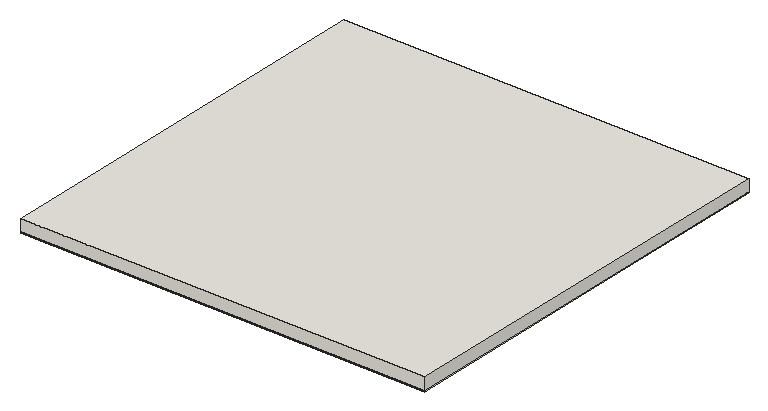
Revit family "ERA_LF_CS_SPO-6-36", category Осветительные приборы, Revit 2019 (continued)
Types (4, lengths in mm): name | built-in parameter 1150134 | Файл фотометрической сетки | built-in parameter 1150142 | built-in parameter 1150107 | URL | ADSK_Масса | ADSK_Марка | ADSK_Обозначение | ADSK_Наименование
    0.00 0.00\r\n 0.00 0.00 0.00 0.00 0.00 0.00 0.00 0.00 0.00 0.00\r\n 0.00 0.00 0.00 0.00 0.00 0.00 0.00 0.00 0.00 0.00\r\n 0.00 0.00 0.00 0.00 0.00 0.00 0.00 0.00 0.00 0.00\r\n 0.00 0.00 0.00 0.00 0.00 0.00 0.00 0.00 0.00 0.00\r\n 0.00 0.00 0.00 0.00 0.00 0.00 0.00 0.00 0.00 0.00\r\n 0.00 0.00 0.00 0.00 0.00 0.00 0.00 0.00 0.00 0.00\r\n 0.00 0.00 0.00 0.00 0.00 0.00 0.00 0.00 0.00 0.00\r\n 0.00 0.00 0.00 0.00 0.00 0.00 0.00 0.00 0.00 0.00\r\n 0.00 0.00 0.00 0.00 0.00 0.00 0.00 0.00 0.00 0.00\r\n 0.00 0.00 0.00 0.00 0.00 0.00 0.00 0.00 0.00 0.00\r\n 0.00 0.00 0.00 0.00 0.00 0.00 0.00 0.00 0.00 0.00\r\n 0.00 0.00 0.00 0.00 0.00 0.00 0.00 0.00 0.00 0.00\r\n 0.00 0.00 0.00 0.00 0.00 0.00 0.00 0.00 0.00 0.00\r\n 0.00 0.00 0.00 0.00 0.00 0.00 0.00 0.00 0.00 0.00\r\n 0.00 0.00 0.00 0.00 0.00 0.00 0.00 0.00 0.00 0.00\r\n 0.00 0.00 0.00 0.00 0.00 0.00 0.00 0.00 0.00 0.00\r\n 0.00 0.00 0.00 0.00 0.00 0.00 0.00 0.00 0.00 0.00\r\n 0.00 0.00 0.00 0.00 0.00 0.00 0.00 0.00 0.00 0.00\r\n 0.00 0.00 0.00 0.00 0.00 0.00 0.00 0.00 0.00 0.00\r\n 0.00 0.00 0.00 0.00 0.00 0.00 0.00 0.00 0.00 0.00\r\n 0.00 0.00 0.00 0.00 0.00 0.00 0.00 0.00 0.00 0.00\r\n 0.00 0.00 0.00 0.00 0.00 0.00 0.00 0.00 0.00 0.00\r\n 0.00 0.00 0.00 0.00 0.00 0.00 0.00 0.00 0.00 0.00\r\n 0.00 0.00 0.00 0.00 0.00 0.00 0.00 0.00 0.00 0.00\r\n 0.00         \r\n1428.38 1422.62 1419.11 1427.88 1420.96 1418.91 1418.91 1424.67 1424.67 1425.02 \r\n 1421.16 1419.56 1431.43 1426.27 1423.27 1431.88 1422.92 1419.76 1432.03 1426.62\r\n 1420.16 1431.78 1424.57 1416.96 1431.68 1427.12 1419.51 1432.08 1423.87 1416.70\r\n 1430.38 1426.87 1419.06 1429.03 1423.22 1416.10 1427.12 1424.47 1418.11 1428.38\r\n 1422.12 1412.50 1412.50 1423.17 1422.02 1416.10 1424.87 1417.46 1410.19 1422.52\r\n 1410.79 1420.96 1420.96 1413.90 1406.59 1418.56 1414.45 1407.69 1418.76 1411.34\r\n 1414.05 1412.30 1412.30 1406.13 1414.50 1410.49 1401.17 1410.49 1410.29 1403.23\r\n 1406.79 1399.57 1399.57 1400.97 1407.94 1401.42 1402.73 1405.08 1395.11 1394.56\r\n 1398.37 1399.02 1402.18 1402.18 1392.06 1398.67 1400.62 1392.96 1397.47 1395.41\r\n 1396.77 1396.32 1388.65 1388.65 1394.71 1391.41 1382.19 1394.06 1391.41 1384.59\r\n 1388.05 1378.58 1392.61 1392.61 1387.65 1380.28 1390.75 1381.44 1375.42 1388.80\r\n 1379.68 1386.75 1376.53 1376.53 1376.43 1384.74 1376.73 1383.39 1379.33 1371.87\r\n 1379.88 1371.97 1382.89 1382.89 1373.37 1366.66 1379.98 1372.92 1368.66 1375.78\r\n 1371.72 1374.62 1366.71 1366.71 1375.78 1367.91 1359.34 1373.12 1366.86 1360.60\r\n 1360.04 1363.65 1366.76 1366.76 1358.34 1367.61 1359.54 1351.43 1364.45 1357.39\r\n 1357.79 1349.32 1360.90 1360.90 1354.28 1348.57 1354.43 1345.57 1356.04 1351.53\r\n 1352.53 1341.16 1346.12 1346.97 1338.80 1347.47 1336.45 1343.21 1341.76 1334.29\r\n 1341.66 1331.44 1342.66 1335.85 1335.60 1334.34 1325.68 1338.10 1331.24 1338.10\r\n 1329.89 1323.92 1332.14 1324.48 1332.44 1322.82 1331.04 1326.83 1322.62 1325.13\r\n 1314.16 1326.78 1317.51 1324.22 1314.61 1321.77 1319.11 1311.85 1319.67 1308.19\r\n 1316.81 1314.51 1307.09 1315.06 1304.19 1307.04 1310.55 1303.28 1312.00 1304.09\r\n 1296.82 1308.54 1301.83 1303.23 1301.83 1292.46 1297.42 1299.18 1292.96 1299.18\r\n 1294.92 1285.30 1294.62 1293.41 1285.90 1288.05 1288.05 1280.84 1278.34 1286.85\r\n 1280.99 1273.83 1282.94 1274.23 1267.61 1276.73 1275.13 1268.77 1264.31 1271.52\r\n 1264.51 1256.94 1266.31 1265.11 1259.15 1253.29 1262.55 1255.94 1248.43 1244.62\r\n 1255.69 1250.43 1244.72 1246.02 1248.33 1240.11 1233.80 1238.46 1241.76 1236.10\r\n 1229.49 1234.60 1231.80 1224.93 1217.52 1226.03 1225.08 1220.32 1213.16 1220.87\r\n 1215.31 1207.20 1202.19 1212.81 1208.85 1202.34 1196.83 1204.59 1197.88 1190.01\r\n 1187.01 1195.57 1190.46 1185.00 1181.05 1187.31 1179.04 1172.48 1168.87 1178.24\r\n 1172.93 1166.62 1162.86 1169.12 1162.51 1154.75 1150.94 1160.86 1156.75 1150.39\r\n 1146.08 1152.84 1144.98 1139.01 1134.26 1143.87 1139.01 1134.46 1128.74 1135.31\r\n 1128.79 1121.53 1117.62 1127.14 1123.43 1117.22 1112.51 1119.23 1113.31 1105.50\r\n 1103.65 1111.56 1106.50 1101.29 1099.34 1104.05 1095.63 1089.77 1090.22 1095.48\r\n 1091.22 1084.21 1087.97 1085.81 1079.50 1072.99 1081.35 1079.20 1074.49 1069.38\r\n 1075.19 1068.33 1061.51 1063.22 1068.03 1063.77 1057.16 1064.02 1057.96 1050.84\r\n 1048.34 1056.80 1052.75 1046.59 1049.89 1047.49 1041.58 1035.56 1045.08 1041.53\r\n 1035.66 1035.31 1036.42 1030.25 1023.59 1032.06 1029.15 1024.74 1021.89 1023.64\r\n 1016.88 1010.16 1018.83 1014.92 1009.76 1010.87 1009.21 1000.60 997.99 1004.05\r\n 998.09 992.13 997.39 990.28 982.41 988.57 986.37 980.91 980.96 976.90\r\n 970.59 968.43 973.74 967.53 961.87 966.88 959.57 952.00 959.47 956.21\r\n 949.70 949.55 948.90 941.98 937.52 945.39 940.28 933.62 939.78 932.31\r\n 926.35 929.81 930.61 925.20 920.34 924.65 918.49 911.32 919.04 916.28\r\n 910.32 908.97 909.32 903.36 897.19 905.06 901.05 894.79 898.25 892.54\r\n 887.02 884.92 889.83 884.72 879.21 883.37 876.75 869.79 874.35 873.15\r\n 867.44 863.13 865.93 859.62 852.91 858.57 856.47 850.75 848.15 849.65\r\n 843.39 836.88 841.44 840.78 836.68 831.07 834.47 828.06 821.75 820.55\r\n 824.95 821.25 815.49 816.74 813.88 808.22 802.41 808.47 805.82 801.06\r\n 796.15 799.40 793.79 787.23 783.92 789.74 785.68 780.72 779.47 779.92\r\n 772.50 767.19 767.79 770.50 765.84 760.93 760.68 758.27 752.41 746.35\r\n 749.01 749.51 745.90 739.94 741.49 737.88 730.97 726.51 731.12 729.57\r\n 724.96 720.15 722.55 718.10 711.23 705.87 710.63 708.78 705.17 699.11\r\n 701.51 697.06 691.64 686.08 687.89 688.94 684.43 680.12 679.87 677.87\r\n 671.26 666.75 665.09 668.45 664.69 659.83 656.03 657.43 652.12 645.91\r\n 642.05 646.36 644.25 639.74 634.13 635.34 631.88 625.97 620.46 619.20\r\n 621.91 618.55 613.89 609.64 610.94 604.17 599.82 594.26 597.36 595.31\r\n 591.95 585.89 585.09 582.88 575.87 570.66 568.86 571.16 567.15 563.04\r\n 557.73 559.34 552.77 547.56 542.25 544.51 542.86 538.85 534.24 531.68\r\n 530.33 524.17 519.06 515.05 517.86 515.15 510.74 506.23 506.13 502.33\r\n 496.16 491.81 489.80 491.21 488.35 484.04 480.13 480.28 475.88 469.81\r\n 466.06 465.86 466.46 463.15 458.89 455.74 455.49 450.63 445.37 442.01\r\n 443.31 442.46 439.35 435.10 432.79 431.29 426.98 421.57 418.56 421.27\r\n 419.37 416.11 412.50 411.00 407.54 402.68 398.37 396.67 398.58 396.32\r\n 392.61 389.16 388.81 383.60 379.34 375.23 375.93 375.73 373.18 369.02\r\n 366.96 365.11 359.45 355.69 353.19 355.04 352.49 349.78 345.72 345.37\r\n 340.76 336.80 336.80 332.60 333.00 332.70 330.19 327.19 324.23 323.38\r\n 314.26 310.95 310.95 312.81 311.36 308.60 305.54 304.04 301.29 296.53\r\n 291.37 292.92 292.92 291.42 288.56 285.56 284.70 281.75 277.04 273.78\r\n 274.13 272.08 272.08 269.62 267.02 265.67 262.36 258.45 255.65 255.60\r\n 254.09 251.14 251.14 249.08 248.18 244.27 240.22 238.06 239.11 238.91\r\n 235.16 233.10 233.10 230.70 227.09 224.19 222.23 223.84 223.33 221.68\r\n 218.22 215.32 215.32 212.11 209.31 208.36 209.71 209.01 207.20 205.30\r\n 201.74 198.19 198.19 195.73 195.58 196.83 196.13 194.43 192.62 191.62\r\n 185.66 183.71 183.71 184.21 184.76 184.01 182.71 180.95 179.85 177.04\r\n 172.08 173.09 173.09 173.64 172.99 171.53 170.08 168.78 165.97 163.32\r\n 162.72 163.12 163.12 162.77 161.21 159.66 158.16 155.90 153.10 151.75\r\n 153.15 152.65 152.65 151.34 150.04 148.74 146.08 143.43 142.23 143.08\r\n 143.63 142.18 142.18 140.77 139.57 137.32 134.66 133.36 133.26 134.26\r\n 133.26 131.96 131.96 130.80 128.55 125.89 124.69 123.84 125.24 125.34\r\n 123.24 122.09 122.09 120.48 117.43 115.98 114.97 115.83 116.08 115.78\r\n 113.02 111.72 111.72 108.96 107.01 105.56 105.86 106.61 106.31 105.51\r\n 102.90 100.24 100.24 98.29 96.54 95.89 97.04 96.94 96.44 95.03\r\n 91.68 89.37 89.37 87.07 86.12 86.47 87.07 86.62 85.77 84.31\r\n 80.31 77.75 77.75 76.25 75.90 76.65 76.45 75.85 74.54 72.74\r\n 67.78 66.33 66.33 64.98 65.58 65.48 65.28 63.92 62.52 60.37\r\n 55.36 54.01 54.01 53.85 54.21 53.85 52.75 51.25 48.95 46.09\r\n 41.88 41.48 41.48 41.78 41.58 40.63 39.53 37.37 34.67 32.61\r\n 30.26 30.91 30.91 30.91 30.71 30.01 28.05 26.30 23.45 21.59\r\n 20.49 20.39 20.39 19.99 19.49 17.98 16.08 13.63 11.77 10.72\r\n 10.37 10.67 10.67 10.32 9.27 7.01 3.91 2.15 1.70 2.20\r\n 4.21 4.51 4.51 4.36 3.11 1.55 1.00 0.75 1.95 3.11\r\n 4.61 4.46 4.46 3.31 1.65 0.90 1.10 2.35 3.36 4.66\r\n 0.00 0.00 0.00 0.00 0.00 0.00 0.00 0.00 0.00 0.00\r\n 0.00 0.00 0.00 0.00 0.00 0.00 0.00 0.00 0.00 0.00\r\n 0.00 0.00 0.00 0.00 0.00 0.00 0.00 0.00 0.00 0.00\r\n 0.00 0.00 0.00 0.00 0.00 0.00 0.00 0.00 0.00 0.00\r\n 0.00 0.00 0.00 0.00 0.00 0.00 0.00 0.00 0.00 0.00\r\n 0.00 0.00 0.00 0.00 0.00 0.00 0.00 0.00 0.00 0.00\r\n 0.00 0.00 0.00 0.00 0.00 0.00 0.00 0.00 0.00 0.00\r\n 0.00 0.00 0.00 0.00 0.00 0.00 0.00 0.00 0.00 0.00\r\n 0.00 0.00 0.00 0.00 0.00 0.00 0.00 0.00 0.00 0.00\r\n 0.00 0.00 0.00 0.00 0.00 0.00 0.00 0.00 0.00 0.00\r\n 0.00 0.00 0.00 0.00 0.00 0.00 0.00 0.00 0.00 0.00\r\n 0.00 0.00 0.00 0.00 0.00 0.00 0.00 0.00 0.00 0.00\r\n 0.00 0.00 0.00 0.00 0.00 0.00 0.00 0.00 0.00 0.00\r\n 0.00 0.00 0.00 0.00 0.00 0.00 0.00 0.00 0.00 0.00\r\n 0.00 0.00 0.00 0.00 0.00 0.00 0.00 0.00 0.00 0.00\r\n 0.00 0.00 0.00 0.00 0.00 0.00 0.00 0.00 0.00 0.00\r\n 0.00 0.00 0.00 0.00 0.00 0.00 0.00 0.00 0.00 0.00\r\n 0.00 0.00 0.00 0.00 0.00 0.00 0.00 0.00 0.00 0.00\r\n 0.00 0.00 0.00 0.00 0.00 0.00 0.00 0.00 0.00 0.00\r\n 0.00 0.00 0.00 0.00 0.00 0.00 0.00 0.00 0.00 0.00\r\n 0.00 0.00 0.00 0.00 0.00 0.00 0.00 0.00 0.00 0.00\r\n 0.00 0.00 0.00 0.00 0.00 0.00 0.00 0.00 0.00 0.00\r\n 0.00 0.00 0.00 0.00 0.00 0.00 0.00 0.00 0.00 0.00\r\n 0.00 0.00 0.00 0.00 0.00 0.00 0.00 0.00 0.00 0.00\r\n 0.00 0.00 0.00 0.00 0.00 0.00 0.00 0.00 0.00 0.00\r\n 0.00 0.00 0.00 0.00 0.00 0.00 0.00 0.00 0.00 0.00\r\n 0.00 0.00 0.00 0.00 0.00 0.00 0.00 0.00 0.00 0.00\r\n 0.00 0.00 0.00 0.00 0.00 0.00 0.00 0.00 0.00 0.00\r\n 0.00 0.00 0.00 0.00 0.00 0.00 0.00 0.00 0.00 0.00\r\n 0.00 0.00 0.00 0.00 0.00 0.00 0.00 0.00 0.00 0.00\r\n 0.00 0.00 0.00 0.00 0.00 0.00 0.00 0.00 0.00 0.00\r\n 0.00 0.00 0.00 0.00 0.00 0.00 0.00 0.00 0.00 0.00\r\n 0.00 0.00 0.00 0.00 0.00 0.00 0.00 0.00 0.00 0.00\r\n 0.00 0.00 0.00 0.00 0.00 0.00 0.00 0.00 0.00 0.00\r\n 0.00 0.00 0.00 0.00 0.00 0.00 0.00 0.00 0.00 0.00\r\n 0.00 0.00 0.00 0.00 0.00 0.00 0.00 0.00 0.00 0.00\r\n 0.00 0.00 0.00 0.00 0.00 0.00 0.00 0.00 0.00 0.00\r\n 0.00 0.00 0.00 0.00 0.00 0.00 0.00 0.00 0.00 0.00\r\n 0.00 0.00 0.00 0.00 0.00 0.00 0.00 0.00 0.00 0.00\r\n 0.00 0.00 0.00 0.00 0.00 0.00 0.00 0.00 0.00 0.00\r\n 0.00 0.00 0.00 0.00 0.00 0.00 0.00 0.00 0.00 0.00\r\n 0.00 0.00 0.00 0.00 0.00 0.00 0.00 0.00 0.00 0.00\r\n 0.00 0.00 0.00 0.00 0.00 0.00 0.00 0.00 0.00 0.00\r\n 0.00 0.00 0.00 0.00 0.00 0.00 0.00 0.00 0.00 0.00\r\n 0.00 0.00 0.00 0.00 0.00 0.00 0.00 0.00 0.00 0.00\r\n 0.00 0.00 0.00 0.00 0.00 0.00 0.00 0.00 0.00 0.00\r\n 0.00 0.00 0.00 0.00 0.00 0.00 0.00 0.00 0.00 0.00\r\n 0.00 0.00 0.00 0.00 0.00 0.00 0.00 0.00 0.00 0.00\r\n 0.00 0.00 0.00 0.00 0.00 0.00 0.00 0.00 0.00 0.00\r\n 0.00 0.00 0.00 0.00 0.00 0.00 0.00 0.00 0.00 0.00\r\n 0.00 0.00 0.00 0.00 0.00 0.00 0.00 0.00 0.00 0.00\r\n 0.00 0.00 0.00 0.00 0.00 0.00 0.00 0.00 0.00 0.00\r\n 0.00 0.00 0.00 0.00 0.00 0.00 0.00 0.00 0.00 0.00\r\n 0.00 0.00 0.00 0.00 0.00 0.00 0.00 0.00 0.00 0.00\r\n 0.00 0.00 0.00 0.00 0.00 0.00 0.00 0.00 0.00 0.00\r\n 0.00 0.00 0.00 0.00 0.00 0.00 0.00 0.00 0.00 0.00\r\n 0.00 0.00 0.00 0.00 0.00 0.00 0.00 0.00 0.00 0.00\r\n 0.00 0.00 0.00 0.00 0.00 0.00 0.00 0.00 0.00 0.00\r\n 0.00 0.00 0.00 0.00 0.00 0.00 0.00 0.00 0.00 0.00\r\n 0.00 0.00 0.00 0.00 0.00 0.00 0.00 0.00 0.00 0.00\r\n 0.00 0.00 0.00 0.00 0.00 0.00 0.00 0.00 0.00 0.00\r\n 0.00 0.00 0.00 0.00 0.00 0.00 0.00 0.00 0.00 0.00\r\n 0.00 0.00 0.00 0.00 0.00 0.00 0.00 0.00 0.00 0.00\r\n 0.00 0.00 0.00 0.00 0.00 0.00 0.00 0.00 0.00 0.00\r\n 0.00 0.00 0.00 0.00 0.00 0.00 0.00 0.00 0.00 0.00\r\n 0.00 0.00 0.00 0.00 0.00 0.00 0.00 0.00 0.00 0.00\r\n 0.00 0.00 0.00 0.00 0.00 0.00 0.00 0.00 0.00 0.00\r\n 0.00 0.00 0.00 0.00 0.00 0.00 0.00 0.00 0.00 0.00\r\n 0.00 0.00 0.00 0.00 0.00 0.00 0.00 0.00 0.00 0.00\r\n 0.00 0.00 0.00 0.00 0.00 0.00 0.00 0.00 0.00 0.00\r\n 0.00 0.00 0.00 0.00 0.00 0.00 0.00 0.00 0.00 0.00\r\n 0.00 0.00 0.00 0.00 0.00 0.00 0.00 0.00 0.00 0.00\r\n 0.00 0.00 0.00 0.00 0.00 0.00 0.00 0.00 0.00 0.00\r\n 0.00 0.00 0.00 0.00 0.00 0.00 0.00 0.00 0.00 0.00\r\n 0.00 0.00 0.00 0.00 0.00 0.00 0.00 0.00 0.00 0.00\r\n 0.00 0.00 0.00 0.00 0.00 0.00 0.00 0.00 0.00 0.00\r\n 0.00 0.00 0.00 0.00 0.00 0.00 0.00 0.00 0.00 0.00\r\n 0.00 0.00 0.00 0.00 0.00 0.00 0.00 0.00 0.00 0.00\r\n 0.00 0.00 0.00 0.00 0.00 0.00 0.00 0.00 0.00 0.00\r\n 0.00 0.00 0.00 0.00 0.00 0.00 0.00 0.00 0.00 0.00\r\n 0.00 0.00 0.00 0.00 0.00 0.00 0.00 0.00 0.00 0.00\r\n 0.00 0.00 0.00 0.00 0.00 0.00 0.00 0.00 0.00 0.00\r\n 0.00 0.00 0.00 0.00 0.00 0.00 0.00 0.00 0.00 0.00\r\n 0.00 0.00 0.00 0.00 0.00 0.00 0.00 0.00 0.00 0.00\r\n 0.00 0.00 0.00 0.00 0.00 0.00 0.00 0.00 0.00 0.00\r\n 0.00 0.00 0.00 0.00 0.00 0.00 0.00 0.00 0.00 0.00\r\n 0.00 0.00 0.00 0.00 0.00 0.00 0.00 0.00 0.00 0.00\r\n 0.00 0.00 0.00 0.00 0.00 0.00 0.00 0.00 0.00 0.00\r\n 0.00 0.00 0.00 0.00 0.00 0.00 0.00 0.00 0.00 0.00\r\n 0.00         \r\n1428.38 1421.87 1418.27 1427.58 1422.12 1416.46 1416.46 1428.53 1428.53 1422.02 \r\n 1427.03 1421.37 1415.46 1420.17 1427.43 1422.47 1414.21 1425.62 1419.92 1413.91\r\n 1416.51 1426.02 1420.67 1412.41 1424.07 1417.92 1411.86 1417.62 1423.82 1418.52\r\n 1411.06 1422.82 1415.81 1410.76 1422.17 1422.52 1415.36 1413.96 1420.02 1412.86\r\n 1408.05 1423.27 1423.27 1418.77 1410.36 1417.06 1415.66 1408.76 1410.56 1420.32\r\n 1407.25 1418.82 1418.82 1411.51 1406.55 1418.82 1416.51 1410.56 1412.61 1415.36\r\n 1404.85 1419.47 1419.47 1413.91 1405.50 1416.46 1410.51 1403.60 1415.21 1414.76\r\n 1411.36 1412.26 1412.26 1404.60 1404.00 1415.21 1407.55 1402.65 1410.31 1404.30\r\n 1414.16 1406.85 1399.30 1399.30 1409.76 1401.75 1397.04 1411.81 1406.15 1396.89\r\n 1400.45 1394.79 1409.61 1409.61 1404.65 1394.99 1405.50 1398.89 1391.94 1406.75\r\n 1393.69 1403.35 1396.64 1396.64 1389.53 1403.65 1398.79 1389.63 1398.69 1392.94\r\n 1400.25 1396.84 1387.23 1387.23 1396.94 1390.69 1383.63 1398.39 1392.14 1384.13\r\n 1386.58 1380.72 1395.04 1395.04 1387.33 1382.73 1389.33 1380.37 1382.38 1389.68\r\n 1385.53 1384.23 1375.82 1375.82 1387.53 1384.53 1375.62 1384.03 1377.37 1371.26\r\n 1380.32 1370.36 1381.33 1381.33 1372.97 1367.71 1381.73 1374.22 1366.91 1375.97\r\n 1366.26 1377.67 1369.76 1369.76 1367.56 1371.36 1362.60 1363.01 1371.51 1364.76\r\n 1366.66 1358.30 1356.55 1367.41 1358.95 1354.05 1361.20 1354.20 1349.84 1363.16\r\n 1356.55 1348.34 1358.15 1350.49 1344.58 1357.05 1354.55 1346.34 1346.09 1348.79\r\n 1343.18 1338.43 1351.19 1345.94 1337.03 1345.34 1340.18 1334.67 1334.57 1344.18\r\n 1337.53 1330.32 1337.98 1332.37 1327.02 1325.11 1336.33 1330.17 1323.86 1326.31\r\n 1327.12 1319.86 1313.75 1325.26 1322.96 1317.61 1309.60 1319.36 1312.95 1308.09\r\n 1303.29 1315.55 1312.00 1305.04 1298.93 1308.34 1303.19 1296.18 1291.98 1304.34\r\n 1302.09 1295.08 1287.57 1295.08 1291.88 1286.27 1280.71 1284.67 1290.78 1285.87\r\n 1279.41 1276.61 1283.27 1276.91 1272.25 1266.90 1276.61 1277.06 1272.10 1264.75\r\n 1261.99 1269.75 1262.84 1258.19 1252.88 1260.44 1262.89 1258.29 1251.98 1246.48\r\n 1254.94 1249.58 1244.72 1238.77 1239.17 1248.53 1245.13 1239.12 1233.51 1234.26\r\n 1238.32 1232.26 1226.25 1222.20 1228.81 1232.76 1227.81 1223.30 1216.34 1219.00\r\n 1221.40 1215.44 1211.19 1206.38 1211.69 1216.49 1212.49 1206.93 1201.33 1203.58\r\n 1205.48 1200.63 1195.32 1190.77 1195.07 1200.73 1196.22 1192.17 1185.06 1183.06\r\n 1190.11 1184.71 1180.25 1174.85 1173.60 1183.66 1181.40 1176.05 1171.04 1165.09\r\n 1171.89 1169.39 1163.08 1158.93 1154.22 1159.28 1163.13 1159.63 1153.97 1146.82\r\n 1146.17 1150.97 1146.22 1140.01 1135.80 1132.70 1140.81 1139.86 1135.45 1129.30\r\n 1122.74 1125.29 1126.29 1120.79 1115.23 1110.98 1109.78 1117.13 1113.98 1108.42\r\n 1102.97 1096.86 1101.47 1099.31 1093.66 1088.10 1083.55 1085.55 1090.60 1086.20\r\n 1080.04 1074.24 1070.03 1075.49 1070.43 1065.03 1059.92 1055.72 1060.92 1061.92\r\n 1057.82 1051.61 1045.91 1044.15 1047.86 1041.65 1036.95 1031.34 1028.59 1035.54\r\n 1033.59 1029.04 1022.88 1017.32 1019.98 1019.53 1013.12 1008.86 1003.46 1004.96\r\n 1009.97 1005.91 1001.61 995.15 990.84 995.85 992.65 986.59 981.43 977.68\r\n 982.94 984.64 979.88 975.58 969.22 967.07 971.12 966.72 960.96 955.76\r\n 953.85 961.06 959.51 954.50 949.90 944.09 946.24 945.84 939.74 935.73\r\n 930.88 932.53 937.49 934.28 9
    29.33 924.22 920.27 924.47 920.37 914.76\r\n 910.81 907.60 913.51 913.16 909.30 904.00 899.34 900.44 899.44 894.89\r\n 889.93 885.93 887.48 891.93 888.03 883.88 878.17 875.22 878.72 873.36\r\n 869.41 864.30 861.55 868.51 866.91 861.90 857.45 851.69 855.49 851.99\r\n 846.38 842.73 838.38 843.08 843.53 839.98 834.42 828.41 830.17 828.92\r\n 823.91 819.20 815.65 818.35 820.31 816.55 811.20 805.89 806.04 806.44\r\n 800.33 796.33 791.97 792.27 796.38 793.53 788.57 782.26 780.66 782.26\r\n 777.51 772.40 768.40 768.25 772.70 769.05 764.24 758.99 757.19 758.69\r\n 753.08 748.98 744.17 743.52 748.48 745.27 740.62 734.66 732.76 733.76\r\n 729.31 724.10 719.90 720.30 723.75 719.95 715.19 710.33 708.88 709.08\r\n 703.33 699.22 694.92 695.17 698.22 694.07 690.01 684.26 683.60 682.85\r\n 678.30 673.54 669.69 671.24 673.14 668.99 663.78 659.18 659.08 657.58\r\n 651.72 647.82 644.01 646.06 646.66 642.66 638.46 632.45 633.35 631.05\r\n 626.29 621.44 618.28 620.84 620.13 616.78 612.18 607.22 607.72 605.17\r\n 599.46 595.71 592.10 594.46 594.46 590.00 586.45 580.89 581.64 578.24\r\n 573.98 569.43 566.48 569.23 568.18 564.67 559.97 555.86 556.16 552.56\r\n 547.45 543.95 540.55 544.00 542.25 537.74 533.64 529.28 530.24 525.63\r\n 521.48 517.52 515.32 518.92 516.02 512.62 507.61 504.36 504.56 500.30\r\n 495.60 492.34 491.19 493.24 490.69 486.24 481.83 479.48 478.63 473.72\r\n 469.87 466.06 466.47 467.47 463.96 460.56 455.30 454.50 451.60 447.74\r\n 443.54 440.89 442.44 441.19 438.18 434.08 430.07 429.82 426.22 421.47\r\n 418.46 415.86 417.96 416.86 412.66 408.95 405.00 405.05 400.09 396.69\r\n 392.83 391.58 393.33 390.53 387.48 382.52 380.67 378.82 374.36 370.46\r\n 367.96 368.86 368.26 365.60 361.90 357.90 357.14 353.69 349.39 346.03\r\n 344.13 346.03 346.03 344.13 340.13 337.22 334.07 333.02 328.41 325.36\r\n 322.61 322.76 322.76 320.00 316.85 312.80 312.24 308.19 304.64 301.38\r\n 302.23 300.33 300.33 297.33 293.07 291.47 288.82 285.37 282.26 280.41\r\n 281.16 278.46 278.46 274.50 272.25 270.20 266.94 264.09 262.19 263.64\r\n 260.94 257.28 257.28 254.83 253.28 250.58 247.17 245.47 246.32 246.62\r\n 242.02 238.66 238.66 237.16 233.81 231.26 229.40 230.60 230.75 228.95\r\n 223.15 221.84 221.84 218.69 216.04 214.79 216.09 216.24 214.04 211.83\r\n 208.03 204.73 204.73 202.02 201.32 203.27 202.32 200.57 198.12 196.42\r\n 191.21 189.51 189.51 190.41 191.16 190.06 188.01 185.71 184.05 181.25\r\n 179.15 180.95 180.95 180.25 178.55 175.69 174.59 171.84 170.44 169.34\r\n 171.24 169.59 169.59 167.48 165.88 163.38 161.23 160.68 162.43 162.13\r\n 158.53 157.72 157.72 154.77 153.22 152.37 154.37 154.17 153.07 150.62\r\n 147.11 145.11 145.11 145.06 146.86 146.76 145.11 143.41 141.76 139.50\r\n 138.30 139.75 139.75 139.25 137.75 135.75 134.30 131.85 130.64 131.40\r\n 131.95 130.04 130.04 128.49 126.09 124.39 123.59 124.89 125.39 124.64\r\n 120.58 118.08 118.08 116.78 117.03 118.63 118.38 116.63 114.68 112.57\r\n 110.02 111.77 111.77 112.07 110.87 109.12 107.12 105.02 103.56 104.52\r\n 104.77 103.11 103.11 100.96 98.66 96.71 96.31 97.91 97.96 96.36\r\n 91.85 89.50 89.50 88.75 90.30 90.25 89.00 87.15 84.79 81.94\r\n 81.89 82.44 82.44 81.64 79.99 77.39 75.28 73.43 73.53 74.58\r\n 72.58 69.98 69.98 67.52 65.82 65.42 66.87 66.62 64.92 62.72\r\n 58.46 57.91 57.91 59.07 59.07 57.76 55.81 52.96 50.66 50.21\r\n 51.41 50.01 50.01 48.15 45.30 43.25 42.00 42.75 43.40 42.50\r\n 37.94 35.59 35.59 34.24 34.09 34.99 34.69 32.74 29.88 27.38\r\n 25.63 26.48 26.48 25.98 24.13 21.97 18.67 17.17 16.77 17.47\r\n 15.52 13.16 13.16 9.81 8.51 8.21 8.86 8.81 7.01 4.96\r\n 1.15 1.70 1.70 3.40 4.81 4.76 3.35 1.40 0.90 2.05\r\n 0.00 0.00 0.00 0.00 0.00 0.00 0.00 0.00 0.00 0.00\r\n 0.00 0.00 0.00 0.00 0.00 0.00 0.00 0.00 0.00 0.00\r\n 0.00 0.00 0.00 0.00 0.00 0.00 0.00 0.00 0.00 0.00\r\n 0.00 0.00 0.00 0.00 0.00 0.00 0.00 0.00 0.00 0.00\r\n 0.00 0.00 0.00 0.00 0.00 0.00 0.00 0.00 0.00 0.00\r\n 0.00 0.00 0.00 0.00 0.00 0.00 0.00 0.00 0.00 0.00\r\n 0.00 0.00 0.00 0.00 0.00 0.00 0.00 0.00 0.00 0.00\r\n 0.00 0.00 0.00 0.00 0.00 0.00 0.00 0.00 0.00 0.00\r\n 0.00 0.00 0.00 0.00 0.00 0.00 0.00 0.00 0.00 0.00\r\n 0.00 0.00 0.00 0.00 0.00 0.00 0.00 0.00 0.00 0.00\r\n 0.00 0.00 0.00 0.00 0.00 0.00 0.00 0.00 0.00 0.00\r\n 0.00 0.00 0.00 0.00 0.00 0.00 0.00 0.00 0.00 0.00\r\n 0.00 0.00 0.00 0.00 0.00 0.00 0.00 0.00 0.00 0.00\r\n 0.00 0.00 0.00 0.00 0.00 0.00 0.00 0.00 0.00 0.00\r\n 0.00 0.00 0.00 0.00 0.00 0.00 0.00 0.00 0.00 0.00\r\n 0.00 0.00 0.00 0.00 0.00 0.00 0.00 0.00 0.00 0.00\r\n 0.00 0.00 0.00 0.00 0.00 0.00 0.00 0.00 0.00 0.00\r\n 0.00 0.00 0.00 0.00 0.00 0.00 0.00 0.00 0.00 0.00\r\n 0.00 0.00 0.00 0.00 0.00 0.00 0.00 0.00 0.00 0.00\r\n 0.00 0.00 0.00 0.00 0.00 0.00 0.00 0.00 0.00 0.00\r\n 0.00 0.00 0.00 0.00 0.00 0.00 0.00 0.00 0.00 0.00\r\n 0.00 0.00 0.00 0.00 0.00 0.00 0.00 0.00 0.00 0.00\r\n 0.00 0.00 0.00 0.00 0.00 0.00 0.00 0.00 0.00 0.00\r\n 0.00 0.00 0.00 0.00 0.00 0.00 0.00 0.00 0.00 0.00\r\n 0.00 0.00 0.00 0.00 0.00 0.00 0.00 0.00 0.00 0.00\r\n 0.00 0.00 0.00 0.00 0.00 0.00 0.00 0.00 0.00 0.00\r\n 0.00 0.00 0.00 0.00 0.00 0.00 0.00 0.00 0.00 0.00\r\n 0.00 0.00 0.00 0.00 0.00 0.00 0.00 0.00 0.00 0.00\r\n 0.00 0.00 0.00 0.00 0.00 0.00 0.00 0.00 0.00 0.00\r\n 0.00 0.00 0.00 0.00 0.00 0.00 0.00 0.00 0.00 0.00\r\n 0.00 0.00 0.00 0.00 0.00 0.00 0.00 0.00 0.00 0.00\r\n 0.00 0.00 0.00 0.00 0.00 0.00 0.00 0.00 0.00 0.00\r\n 0.00 0.00 0.00 0.00 0.00 0.00 0.00 0.00 0.00 0.00\r\n 0.00 0.00 0.00 0.00 0.00 0.00 0.00 0.00 0.00 0.00\r\n 0.00 0.00 0.00 0.00 0.00 0.00 0.00 0.00 0.00 0.00\r\n 0.00 0.00 0.00 0.00 0.00 0.00 0.00 0.00 0.00 0.00\r\n 0.00 0.00 0.00 0.00 0.00 0.00 0.00 0.00 0.00 0.00\r\n 0.00 0.00 0.00 0.00 0.00 0.00 0.00 0.00 0.00 0.00\r\n 0.00 0.00 0.00 0.00 0.00 0.00 0.00 0.00 0.00 0.00\r\n 0.00 0.00 0.00 0.00 0.00 0.00 0.00 0.00 0.00 0.00\r\n 0.00 0.00 0.00 0.00 0.00 0.00 0.00 0.00 0.00 0.00\r\n 0.00 0.00 0.00 0.00 0.00 0.00 0.00 0.00 0.00 0.00\r\n 0.00 0.00 0.00 0.00 0.00 0.00 0.00 0.00 0.00 0.00\r\n 0.00 0.00 0.00 0.00 0.00 0.00 0.00 0.00 0.00 0.00\r\n 0.00 0.00 0.00 0.00 0.00 0.00 0.00 0.00 0.00 0.00\r\n 0.00 0.00 0.00 0.00 0.00 0.00 0.00 0.00 0.00 0.00\r\n 0.00 0.00 0.00 0.00 0.00 0.00 0.00 0.00 0.00 0.00\r\n 0.00 0.00 0.00 0.00 0.00 0.00 0.00 0.00 0.00 0.00\r\n 0.00 0.00 0.00 0.00 0.00 0.00 0.00 0.00 0.00 0.00\r\n 0.00 0.00 0.00 0.00 0.00 0.00 0.00 0.00 0.00 0.00\r\n 0.00 0.00 0.00 0.00 0.00 0.00 0.00 0.00 0.00 0.00\r\n 0.00 0.00 0.00 0.00 0.00 0.00 0.00 0.00 0.00 0.00\r\n 0.00 0.00 0.00 0.00 0.00 0.00 0.00 0.00 0.00 0.00\r\n 0.00 0.00 0.00 0.00 0.00 0.00 0.00 0.00 0.00 0.00\r\n 0.00 0.00 0.00 0.00 0.00 0.00 0.00 0.00 0.00 0.00\r\n 0.00 0.00 0.00 0.00 0.00 0.00 0.00 0.00 0.00 0.00\r\n 0.00 0.00 0.00 0.00 0.00 0.00 0.00 0.00 0.00 0.00\r\n 0.00 0.00 0.00 0.00 0.00 0.00 0.00 0.00 0.00 0.00\r\n 0.00 0.00 0.00 0.00 0.00 0.00 0.00 0.00 0.00 0.00\r\n 0.00 0.00 0.00 0.00 0.00 0.00 0.00 0.00 0.00 0.00\r\n 0.00 0.00 0.00 0.00 0.00 0.00 0.00 0.00 0.00 0.00\r\n 0.00 0.00 0.00 0.00 0.00 0.00 0.00 0.00 0.00 0.00\r\n 0.00 0.00 0.00 0.00 0.00 0.00 0.00 0.00 0.00 0.00\r\n 0.00 0.00 0.00 0.00 0.00 0.00 0.00 0.00 0.00 0.00\r\n 0.00 0.00 0.00 0.00 0.00 0.00 0.00 0.00 0.00 0.00\r\n 0.00 0.00 0.00 0.00 0.00 0.00 0.00 0.00 0.00 0.00\r\n 0.00 0.00 0.00 0.00 0.00 0.00 0.00 0.00 0.00 0.00\r\n 0.00 0.00 0.00 0.00 0.00 0.00 0.00 0.00 0.00 0.00\r\n 0.00 0.00 0.00 0.00 0.00 0.00 0.00 0.00 0.00 0.00\r\n 0.00 0.00 0.00 0.00 0.00 0.00 0.00 0.00 0.00 0.00\r\n 0.00 0.00 0.00 0.00 0.00 0.00 0.00 0.00 0.00 0.00\r\n 0.00 0.00 0.00 0.00 0.00 0.00 0.00 0.00 0.00 0.00\r\n 0.00 0.00 0.00 0.00 0.00 0.00 0.00 0.00 0.00 0.00\r\n 0.00 0.00 0.00 0.00 0.00 0.00 0.00 0.00 0.00 0.00\r\n 0.00 0.00 0.00 0.00 0.00 0.00 0.00 0.00 0.00 0.00\r\n 0.00 0.00 0.00 0.00 0.00 0.00 0.00 0.00 0.00 0.00\r\n 0.00 0.00 0.00 0.00 0.00 0.00 0.00 0.00 0.00 0.00\r\n 0.00 0.00 0.00 0.00 0.00 0.00 0.00 0.00 0.00 0.00\r\n 0.00 0.00 0.00 0.00 0.00 0.00 0.00 0.00 0.00 0.00\r\n 0.00 0.00 0.00 0.00 0.00 0.00 0.00 0.00 0.00 0.00\r\n 0.00 0.00 0.00 0.00 0.00 0.00 0.00 0.00 0.00 0.00\r\n 0.00 0.00 0.00 0.00 0.00 0.00 0.00 0.00 0.00 0.00\r\n 0.00 0.00 0.00 0.00 0.00 0.00 0.00 0.00 0.00 0.00\r\n 0.00 0.00 0.00 0.00 0.00 0.00 0.00 0.00 0.00 0.00\r\n 0.00 0.00 0.00 0.00 0.00 0.00 0.00 0.00 0.00 0.00\r\n 0.00 0.00 0.00 0.00 0.00 0.00 0.00 0.00 0.00 0.00\r\n 0.00 0.00 0.00 0.00 0.00 0.00 0.00 0.00 0.00 0.00\r\n 0.00 0.00 0.00 0.00 0.00 0.00 0.00 0.00 0.00 0.00\r\n 0.00 0.00 0.00 0.00 0.00 0.00 0.00 0.00 0.00 0.00\r\n 0.00" | 4000 (stored number, unit not read) | "https://www.eraworld.ru/catalog/2645122" | 1.2 | "SPO-6-36-4K-M" | "SPO-6-36-4K-M" | "Светильник, LED, квадратный, потолочный, IP40, 595х595х19 мм (ДхШхВ), 36 Вт, 4000 К, 3060 лм, класс защиты I, в комплекте (импульсный драйвер, поликарбонат)"
Types in the file's own list only (14): name | Угол наклона | _УГО_Ширина | _УГО_Длина | _УГО_Диаметр | Светофильтр | Излучение по ширине прямоугольника | Излучение по длине прямоугольника | _Корпус_Ширина | _Корпус_Длина | Геометрия изделия | Видимая форма излучения при визуализации | _Корпус_Диаметр | _Корпус_Высота | URL | ADSK_Размер_Ширина | ADSK_Размер_Длина | ADSK_Размер_Диаметр | ADSK_Полная мощность | ADSK_Номинальная мощность | ADSK_Напряжение | ADSK_Масса | ADSK_Марка | ADSK_Коэффициент мощности | ADSK_Размер_Высота | ADSK_Обозначение | ADSK_Наименование
  SPO-6-48-6K-P, LED, IP40, 595х595х19 мм (ДхШхВ), 48 Вт, 6500 К, 4200 лм, класс защиты I, в комплекте (импульсный драйвер, поликарбонат) | 90,00° | 5,95 мм | 5,95 мм | 5,95 мм | 16777215 | 595,00 мм | 595,00 мм | 595,00 мм | 595,00 мм | "Квадратный" | Нет | 1,00 мм | 19,00 мм | "https://www.eraworld.ru/catalog/58812" | 595,00 мм | 595,00 мм | 0,00 мм | 53 В·А | 48 Вт | 230 В | 1,3 | "SPO-6-48-6K-P" | 0,9 | 19,00 мм | "SPO-6-48-6K-P" | "Светильник, LED, квадратный, потолочный, IP40, 595х595х19 мм (ДхШхВ), 48 Вт, 6500 К, 4200 лм, класс защиты I, в комплекте (импульсный драйвер, поликарбонат)"
  SPO-6-48-4K-P, LED, IP40, 595х595х19 мм (ДхШхВ), 48 Вт, 4000 К, 4200 лм, класс защиты I, в комплекте (импульсный драйвер, поликарбонат) | 90,00° | 5,95 мм | 5,95 мм | 5,95 мм | 16777215 | 595,00 мм | 595,00 мм | 595,00 мм | 595,00 мм | "Квадратный" | Нет | 1,00 мм | 19,00 мм | "https://www.eraworld.ru/catalog/58811" | 595,00 мм | 595,00 мм | 0,00 мм | 53 В·А | 48 Вт | 230 В | 1,24 | "SPO-6-48-4K-P" | 0,9 | 19,00 мм | "SPO-6-48-4K-P" | "Светильник, LED, квадратный, потолочный, IP40, 595х595х19 мм (ДхШхВ), 48 Вт, 4000 К, 4200 лм, класс защиты I, в комплекте (импульсный драйвер, поликарбонат)"
  SPO-6-48-6K-M, LED, IP40, 595х595х19 мм (ДхШхВ), 48 Вт, 6500 К, 4200 лм, класс защиты I, в комплекте (импульсный драйвер, поликарбонат) | 90,00° | 5,95 мм | 5,95 мм | 5,95 мм | 16777215 | 595,00 мм | 595,00 мм | 595,00 мм | 595,00 мм | "Квадратный" | Нет | 1,00 мм | 19,00 мм | "https://www.eraworld.ru/catalog/331875" | 595,00 мм | 595,00 мм | 0,00 мм | 53 В·А | 48 Вт | 230 В | 1,36 | "SPO-6-48-6K-M" | 0,9 | 19,00 мм | "SPO-6-48-6K-M" | "Светильник, LED, квадратный, потолочный, IP40, 595х595х19 мм (ДхШхВ), 48 Вт, 6500 К, 4200 лм, класс защиты I, в комплекте (импульсный драйвер, поликарбонат)"
  SPO-6-48-4K-M, LED, IP40, 595х595х19 мм (ДхШхВ), 48 Вт, 4000 К, 4200 лм, класс защиты I, в комплекте (импульсный драйвер, поликарбонат) | 90,00° | 5,95 мм | 5,95 мм | 5,95 мм | 16777215 | 595,00 мм | 595,00 мм | 595,00 мм | 595,00 мм | "Квадратный" | Нет | 1,00 мм | 19,00 мм | "https://www.eraworld.ru/catalog/331875" | 595,00 мм | 595,00 мм | 0,00 мм | 53 В·А | 48 Вт | 230 В | 1,34 | "SPO-6-48-4K-M" | 0,9 | 19,00 мм | "SPO-6-48-4K-M" | "Светильник, LED, квадратный, потолочный, IP40, 595х595х19 мм (ДхШхВ), 48 Вт, 4000 К, 4200 лм, класс защиты I, в комплекте (импульсный драйвер, поликарбонат)"
  SPO-6-72-6K-P, LED, IP40, 595х595х19 мм (ДхШхВ), 72 Вт, 6500 К, 6120 лм, класс защиты I, в комплекте (импульсный драйвер, поликарбонат) | 90,00° | 5,95 мм | 5,95 мм | 5,95 мм | 16777215 | 595,00 мм | 595,00 мм | 595,00 мм | 595,00 мм | "Квадратный" | Нет | 1,00 мм | 19,00 мм | "https://www.eraworld.ru/catalog/2647628" | 595,00 мм | 595,00 мм | 0,00 мм | 80 В·А | 72 Вт | 230 В | 1,42 | "SPO-6-72-6K-P" | 0,9 | 19,00 мм | "SPO-6-72-6K-P" | "Светильник, LED, квадратный, потолочный, IP40, 595х595х19 мм (ДхШхВ), 72 Вт, 6500 К, 6120 лм, класс защиты I, в комплекте (импульсный драйвер, поликарбонат)"
  SPO-6-72-4K-P, LED, IP40, 595х595х19 мм (ДхШхВ), 72 Вт, 4000 К, 6120 лм, класс защиты I, в комплекте (импульсный драйвер, поликарбонат) | 90,00° | 5,95 мм | 5,95 мм | 5,95 мм | 16777215 | 595,00 мм | 595,00 мм | 595,00 мм | 595,00 мм | "Квадратный" | Нет | 1,00 мм | 19,00 мм | "https://www.eraworld.ru/catalog/2647629" | 595,00 мм | 595,00 мм | 0,00 мм | 80 В·А | 72 Вт | 230 В | 1,4 | "SPO-6-72-4K-P" | 0,9 | 19,00 мм | "SPO-6-72-4K-P" | "Светильник, LED, квадратный, потолочный, IP40, 595х595х19 мм (ДхШхВ), 72 Вт, 4000 К, 6120 лм, класс защиты I, в комплекте (импульсный драйвер, поликарбонат)"
  SPO-1-40-6K-M, LED, IP40, 595х595х25 мм (ДхШхВ), 40 Вт, 6500 К, 3060 лм, класс защиты I, в комплекте (импульсный драйвер, поликарбонат) | 90,00° | 5,95 мм | 5,95 мм | 5,95 мм | 16777215 | 595,00 мм | 595,00 мм | 595,00 мм | 595,00 мм | "Квадратный" | Нет | 1,00 мм | 25,00 мм | "https://www.eraworld.ru/catalog/2647655" | 595,00 мм | 595,00 мм | 0,00 мм | 44 В·А | 40 Вт | 230 В | 1,26 | "SPO-1-40-6K-M" | 0,9 | 25,00 мм | "SPO-1-40-6K-M" | "Светильник, LED, квадратный, потолочный, IP40, 595х595х25 мм (ДхШхВ), 40 Вт, 6500 К, 3060 лм, класс защиты I, в комплекте (импульсный драйвер, поликарбонат)"
  SPO-1-40-4K-M, LED, IP40, 595х595х25 мм (ДхШхВ), 40 Вт, 4000 К, 3060 лм, класс защиты I, в комплекте (импульсный драйвер, поликарбонат) | 90,00° | 5,95 мм | 5,95 мм | 5,95 мм | 16777215 | 595,00 мм | 595,00 мм | 595,00 мм | 595,00 мм | "Квадратный" | Нет | 1,00 мм | 25,00 мм | "https://www.eraworld.ru/catalog/2647655" | 595,00 мм | 595,00 мм | 0,00 мм | 44 В·А | 40 Вт | 230 В | 1,26 | "SPO-1-40-4K-M" | 0,9 | 25,00 мм | "SPO-1-40-4K-M" | "Светильник, LED, квадратный, потолочный, IP40, 595х595х25 мм (ДхШхВ), 40 Вт, 4000 К, 3060 лм, класс защиты I, в комплекте (импульсный драйвер, поликарбонат)"
  SPO-7-40-6K-P, LED, IP40, 1200х180х19 мм (ДхШхВ), 40 Вт, 6500 К, 2800 лм, класс защиты I, в комплекте (импульсный драйвер, поликарбонат) | 90,00° | 1,80 мм | 12,00 мм | 12,00 мм | 16777215 | 180,00 мм | 1200,00 мм | 180,00 мм | 1200,00 мм | "Прямоугольный" | Нет | 1,00 мм | 19,00 мм | "https://www.eraworld.ru/catalog/58830" | 180,00 мм | 1200,00 мм | 0,00 мм | 44 В·А | 40 Вт | 230 В | 1,08 | "SPO-7-40-6K-P" | 0,9 | 19,00 мм | "SPO-7-40-6K-P" | "Светильник, LED, прямоугольный, потолочный, IP40, 1200х180х19 мм (ДхШхВ), 40 Вт, 6500 К, 2800 лм, класс защиты I, в комплекте (импульсный драйвер, поликарбонат)"
  SPO-7-40-4K-P, LED, IP40, 1200х180х19 мм (ДхШхВ), 40 Вт, 4000 К, 2800 лм, класс защиты I, в комплекте (импульсный драйвер, поликарбонат) | 90,00° | 1,80 мм | 12,00 мм | 12,00 мм | 16777215 | 180,00 мм | 1200,00 мм | 180,00 мм | 1200,00 мм | "Прямоугольный" | Нет | 1,00 мм | 19,00 мм | "https://www.eraworld.ru/catalog/58831" | 180,00 мм | 1200,00 мм | 0,00 мм | 44 В·А | 40 Вт | 230 В | 1,08 | "SPO-7-40-4K-P" | 0,9 | 19,00 мм | "SPO-7-40-4K-P" | "Светильник, LED, прямоугольный, потолочный, IP40, 1200х180х19 мм (ДхШхВ), 40 Вт, 4000 К, 2800 лм, класс защиты I, в комплекте (импульсный драйвер, поликарбонат)"
  SPO-7-40-6K-M, LED, IP40, 1200х180х19 мм (ДхШхВ), 40 Вт, 6500 К, 2800 лм, класс защиты I, в комплекте (импульсный драйвер, поликарбонат) | 90,00° | 1,80 мм | 12,00 мм | 12,00 мм | 16777215 | 180,00 мм | 1200,00 мм | 180,00 мм | 1200,00 мм | "Прямоугольный" | Нет | 1,00 мм | 19,00 мм | "https://www.eraworld.ru/catalog/1009367" | 180,00 мм | 1200,00 мм | 0,00 мм | 44 В·А | 40 Вт | 230 В | 1,1 | "SPO-7-40-6K-M" | 0,9 | 19,00 мм | "SPO-7-40-6K-M" | "Светильник, LED, прямоугольный, потолочный, IP40, 1200х180х19 мм (ДхШхВ), 40 Вт, 6500 К, 2800 лм, класс защиты I, в комплекте (импульсный драйвер, поликарбонат)"
  SPO-7-40-4K-M, LED, IP40, 1200х180х19 мм (ДхШхВ), 40 Вт, 4000 К, 2800 лм, класс защиты I, в комплекте (импульсный драйвер, поликарбонат) | 90,00° | 1,80 мм | 12,00 мм | 12,00 мм | 16777215 | 180,00 мм | 1200,00 мм | 180,00 мм | 1200,00 мм | "Прямоугольный" | Нет | 1,00 мм | 19,00 мм | "https://www.eraworld.ru/catalog/1009366" | 180,00 мм | 1200,00 мм | 0,00 мм | 44 В·А | 40 Вт | 230 В | 1,08 | "SPO-7-40-4K-M" | 0,9 | 19,00 мм | "SPO-7-40-4K-M" | "Светильник, LED, прямоугольный, потолочный, IP40, 1200х180х19 мм (ДхШхВ), 40 Вт, 4000 К, 2800 лм, класс защиты I, в комплекте (импульсный драйвер, поликарбонат)"
  SPO-7-72-6K-P, LED, IP40, 1200х180х19 мм (ДхШхВ), 72 Вт, 6500 К, 5000 лм, класс защиты I, в комплекте (импульсный драйвер, поликарбонат) | 90,00° | 1,80 мм | 12,00 мм | 12,00 мм | 16777215 | 180,00 мм | 1200,00 мм | 180,00 мм | 1200,00 мм | "Прямоугольный" | Нет | 1,00 мм | 19,00 мм | "https://www.eraworld.ru/catalog/58814" | 180,00 мм | 1200,00 мм | 0,00 мм | 80 В·А | 72 Вт | 230 В | 1,28 | "SPO-7-72-6K-P" | 0,9 | 19,00 мм | "SPO-7-72-6K-P" | "Светильник, LED, прямоугольный, потолочный, IP40, 1200х180х19 мм (ДхШхВ), 72 Вт, 6500 К, 5000 лм, класс защиты I, в комплекте (импульсный драйвер, поликарбонат)"
  SPO-7-72-4K-P, LED, IP40, 1200х180х19 мм (ДхШхВ), 72 Вт, 4000 К, 5000 лм, класс защиты I, в комплекте (импульсный драйвер, поликарбонат) | 90,00° | 1,80 мм | 12,00 мм | 12,00 мм | 16777215 | 180,00 мм | 1200,00 мм | 180,00 мм | 1200,00 мм | "Прямоугольный" | Нет | 1,00 мм | 19,00 мм | "https://www.eraworld.ru/catalog/58813" | 180,00 мм | 1200,00 мм | 0,00 мм | 80 В·А | 72 Вт | 230 В | 1,32 | "SPO-7-72-4K-P" | 0,9 | 19,00 мм | "SPO-7-72-4K-P" | "Светильник, LED, прямоугольный, потолочный, IP40, 1200х180х19 мм (ДхШхВ), 72 Вт, 4000 К, 5000 лм, класс защиты I, в комплекте (импульсный драйвер, поликарбонат)"
